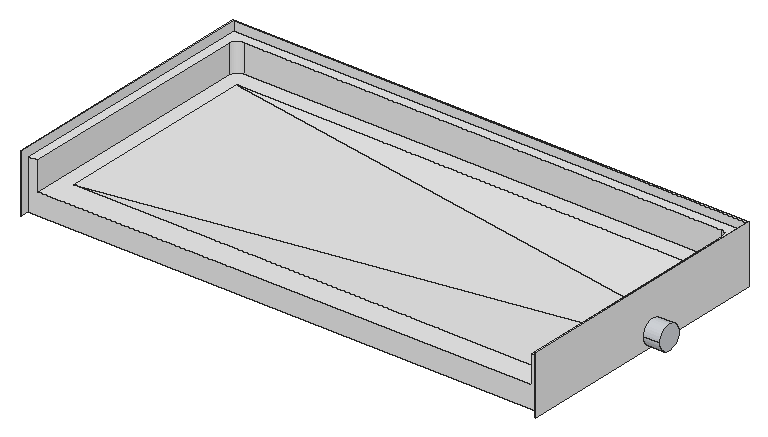
Revit family "P6030BSD25T,BSD45T", category Plumbing Fixtures, Revit 2017
Family settings
  Round Connector Dimension = Use Diameter
  Part Type = Normal
  OmniClass Number = 23.45.05.14.17
  OmniClass Title = Showers
  Work Plane-Based = No
  Always vertical = Yes
  Cut with Voids When Loaded = No
  Shared = No
  Room Calculation Point = No
Parameters (values of type "P6030BSD25T")
  Unit Width = 60"
  Unit Height = 6 3/4"
  URL = "http://www.bestbath.com/"
  Type Comments = "Barrier Free"
  Threshold Height = 2 1/2"
  Pan Void Depth = 3/4"
  Model = "P6030BSD25T"
  Material [instance] = Best Bath Gelcoat Fiberglass - Smooth
  Manufacturer = "Best Bath Systems, Inc."
  Keynote = "22 40 00.B3"
  Description = "Shower Pan, Traditional Threshold, Side Drain"
  Assembly Code = "D2010710"
Types (3): name | Unit Height | Threshold Height | Model
  (no name) | 6 3/4" | 2 1/2" | "P6030BSD25T"
  P6030BSD25T | 6 3/4" | 2 1/2" | "P6030BSD25T"
  P6030BSD45T | 8 3/4" | 4 1/2" | "P6030BSD45T"
Reference planes (in)
  plane 1 "Back": y = -0.5
  plane 2: z = 0
  plane 3 "Left": x = 0
  plane 4: x = 60
  plane 5: z = 5.75
  plane 6: z = 6.75
  plane 7: x = 51.5
  plane 8: y = 29.5
  plane 9: y = 15.5
  plane 10: x = 1.25
  plane 11: x = 58.75
  plane 12: y = 28.25
  plane 13: z = 2.5
  plane 14: z = 2.125
  plane 15: y = -1.5
  plane 16: z = 1.75
Forms (in)
  Extrusion 1, solid, material "Best Bath Gelcoat Fiberglass - Smooth"
    sketch origin (0, 0, 0) x (1, 0, 0) y (0, 1, 0)
      loop
        line (0, -0.5) -> (1.25, -0.5) -> (1.25, 27.25)
        arc (1.25, 27.25) -> (1.54289, 27.95711) -> (2.25, 28.25) r 1
        line (2.25, 28.25) -> (57.75, 28.25)
        arc (57.75, 28.25) -> (58.45711, 27.95711) -> (58.75, 27.25) r 1
        line (58.75, 27.25) -> (58.75, -0.5) -> (60, -0.5) -> (60, 29.5) -> (0, 29.5) -> (0, -0.5)
    from 0 to 5.75
  Extrusion 2, solid, material "Best Bath Gelcoat Fiberglass - Smooth"
    sketch origin (0, 0, 0) x (1, 0, 0) y (0, 1, 0)
      loop
        line (0, -1.5) -> (0.125, -1.5) -> (0.125, 29.375) -> (59.875, 29.375) -> (59.875, -1.5) -> (60, -1.5) -> (60, 29.5) -> (0, 29.5) -> (0, -1.5)
    from 0 to 6.75
  Extrusion 3, solid
    sketch origin (60, -0.5, 0) x (0, 1, 0) y (0, 0, 1)
      loop
        circle (16, 1.57783) r 1.375
    from 0 to 2
  Extrusion 4, solid, material "Best Bath Gelcoat Fiberglass - Smooth"
    sketch origin (-0.125, 0, 0) x (1, 0, 0) y (0, 1, 0)
      loop
        line (0.125, 29.375) -> (0.125, -0.5) -> (59.875, -0.5) -> (59.875, 29.375) -> (0.125, 29.375)
    from 0 to 2.5 <- "Threshold Height"
  Blend 5, void
    base sketch origin (0, 0, 0) x (1, 0, 0) y (0, 1, 0)
      loop
        line (54.75, 18.5) -> (54.75, 12.5) -> (58.75, 12.5) -> (58.75, 18.5) -> (54.75, 18.5)
    top sketch origin (0, 0, 0) x (1, 0, 0) y (0, 1, 0)
      loop
        line (3, 26.25) -> (3, 2.5) -> (58.76988, 2.5) -> (58.76988, 26.25) -> (3, 26.25)
    from 1.75 to 2.5
Cuts and joins
  Blend 5 cuts Extrusion 4
  joined: Extrusion 1, Extrusion 2, Extrusion 4
Dimensions and locks (in)
  "Unit Width": plane 3 "Left" to plane 4
  locked: plane 6 to plane 5 at 1
  "Unit Height": plane 6 to level
  plane 3 "Left" to plane 7 to plane 4 = 51 1/2", 8 1/2"
  locked: plane 8 to plane 12 at 1.25
  locked: plane 11 to plane 4 at 1.25
  locked: plane 3 "Left" to plane 10 at 1.25
  locked: plane 8 to plane 9 at 14
  locked: plane 13 to plane 14 at 0.375
  "Threshold Height": plane 13 to level
  locked: plane 15 to plane 1 "Back" at 1
  locked: plane 8 to plane 15 at 31
  Extrusion 3 sketch curve to plane 8 = 14"
  "Pan Void Depth": plane 13 to plane 16
  aligned and locked: level to plane 2
  aligned and locked: plane 5 to Extrusion 1
  aligned and locked: plane 6 to Extrusion 2
  aligned and locked: Blend 5 to plane 16
  aligned and locked: Blend 5 to plane 13
Automatic sketch dimensions
  plane 1 "Back" to Extrusion 1 sketch curve = 0"  (x2)
  Extrusion 1 sketch curve to plane 3 "Left" = 0"
  Extrusion 1 sketch curve to plane 4 = 0"
  Extrusion 1 sketch curve to plane 8 = 0"
  Extrusion 1 sketch curve to plane 10 = 0"
  Extrusion 1 sketch curve to plane 12 = 0"
  Extrusion 1 sketch curve to plane 11 = 0"
  Extrusion 1 sketch curve to plane 12 = 1"
  plane 10 to Extrusion 1 sketch curve = 1"
  Extrusion 2 sketch curve to plane 3 "Left" = 0"
  Extrusion 2 sketch curve to plane 15 = 0"  (x2)
  Extrusion 2 sketch curve to plane 4 = 0"
  Extrusion 2 sketch curve to plane 8 = 0"
  plane 3 "Left" to Extrusion 2 sketch curve = 1/8"
  Extrusion 2 sketch curve to Extrusion 2 sketch curve = 1/8"
  Extrusion 2 sketch curve to plane 8 = 1/8"
  Extrusion 3 sketch curve to plane 14 = 0.54717"
  plane 1 "Back" to Extrusion 4 sketch curve = 0"
  plane 3 "Left" to Extrusion 4 sketch curve = 0"
  plane 4 to Extrusion 4 sketch curve = 1/4"
  Extrusion 4 sketch curve to plane 8 = 1/8"
  Blend 5 sketch curve to plane 11 = 0"
  Blend 5 sketch curve to plane 7 = 3 1/4"
  plane 9 to Blend 5 sketch curve = 3"
  Blend 5 sketch curve to plane 9 = 3"
  plane 10 to Blend 5 sketch curve = 1 3/4"
  plane 11 to Blend 5 sketch curve = 0.01988"
  Blend 5 sketch curve to plane 1 "Back" = 3"
  Blend 5 sketch curve to plane 12 = 2"
  radius of Extrusion 3 sketch curve = 1 3/8"
